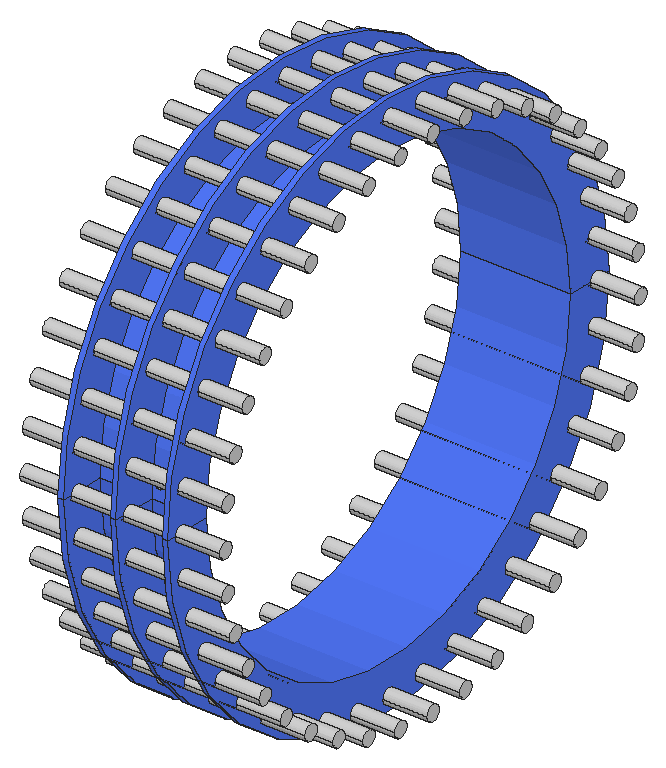
Revit family "873-00-001-DN1600", category Pipe Accessories, Revit 2019
Family settings
  Round Connector Dimension = Use Diameter
  Part Type = Valve - Breaks Into
  Work Plane-Based = No
  Always vertical = Yes
  Cut with Voids When Loaded = No
  Shared = No
Parameters (values of type "DN1600_PN16")
  d2 = size_lookup(Search_table, "d2", 0 mm, DN) / 2  # 965 mm
  d1 = size_lookup(Search_table, "d1", 0 mm, DN)  # 1820 mm
  URL product pages = "https://www.avkvalves.com/P.aspx?no=873004000141000"
  T = size_lookup(Search_table, "T", 0 mm, DN)  # 52 mm
  L = size_lookup(Search_table, "L", 0 mm, DN)  # 700 mm
  Id(Radius) = DN / 2  # 800.05 mm
  Flange_thickness = 20 mm  # constant formula
  Description_ = "AVK DISMANTLING JOINT"
  DN = 1600.1 mm
  Search_table = "873-00-001-DN1600"
  Body_Wallthicknss = 10 mm  # constant formula
  Angle = 22.50°  # constant formula
  A = size_lookup(Search_table, "A", 0 mm, DN)  # 385 mm
  873-1600-00-141000 = "DN1600_PN16"
  873-1600-00-041000 = "DN1600_PN10"
Types (3, lengths in mm): name | d2 | T | L | Id(Radius) | DN
  (no name) | 965 | 52 | 700 | 800.05 | 1600.1
  DN1600_PN10 | 957.5 | 45 | 600 | 800 | 1600
  DN1600_PN16 | 965 | 52 | 700 | 800.05 | 1600.1
Reference planes
  plane 1 "Center (Front/Back)": y = 0
  plane 2: z = 0
  plane 3 "Center (Left/Right)": x = 0
  plane 4: y = 32.5
  plane 5: y = -30
  plane 6: z = 910
  plane 7: z = -910
  plane 8: y = 910
  plane 9: y = -910
  plane 10: x = -350
  plane 11: x = 350
  plane 12: through (0, 0, 0) normal (0, 0.9877, 0.1564)
  plane 13: through (0, 0, 0) normal (0, 0.9511, 0.309)
  plane 14: through (0, 0, 0) normal (0, 0.891, 0.454)
  plane 15: through (0, 0, 0) normal (0, 0.809, 0.5878)
  plane 16: through (0, 0, 0) normal (0, 0.5878, 0.809)
  plane 17: through (0, 0, 0) normal (0, 0.9877, -0.1564)
  plane 18: through (0, 0, 0) normal (0, 0.9511, -0.309)
  plane 19: through (0, 0, 0) normal (0, 0.891, -0.454)
  plane 20: through (0, 0, 0) normal (0, 0.7071, -0.7071)
  plane 21: through (0, 0, 0) normal (0, 0.7071, 0.7071)
  plane 22: through (0, 0, 0) normal (0, 0.809, -0.5878)
  plane 23: through (0, 0, 0) normal (0, 0.5878, -0.809)
  plane 24: through (0, -799.943, 407.591) normal (0, -0.454, -0.891)
  plane 25: through (0, 0, 0) normal (0, 0.454, -0.891)
  plane 26: through (0, 0, 0) normal (0, 0.309, 0.9511)
  plane 27: through (0, 0, 0) normal (0, 0.1564, 0.9877)
  plane 28: through (0, 0, 0) normal (0, -0.309, 0.9511)
  plane 29: through (0, 0, 0) normal (0, -0.1564, 0.9877)
  plane 30: z = -965
  plane 31: z = 965
  plane 32: x = -192.5
  plane 33: x = 192.5
Forms (mm)
  Revolve 1, solid, material "Plastic"
    sketch origin (0, 0, 0) x (1, 0, 0) y (0, 1, 0)
      loop
        line (-172.5, 965) -> (-192.5, 965) -> (-192.5, 800.05) -> (192.5, 800.05) -> (192.5, 965) -> (172.5, 965) -> (172.5, 810.05) -> (10, 810.05) -> (10, 965) -> (-10, 965) -> (-10, 810.05) -> (-172.5, 810.05) -> (-172.5, 965)
      axis (-192.5, 0) -> (192.5, 0)
    angle from 0 to 360
  Extrusion 2, solid, material "Stainless Steel AISI 304"
    sketch origin (0, 0, 0) x (0, 1, 0) y (0, 0, 1)
      loop
        circle (0, 910) r 26
      loop
        circle (-910, 0) r 26
      loop
        circle (0, -910) r 26
      loop
        circle (910, 0) r 26
      loop
        circle (142.355, 898.796) r 26
      loop
        circle (281.205, 865.461) r 26
      loop
        circle (413.131, 810.816) r 26
      loop
        circle (534.885, 736.205) r 26
      loop
        circle (643.467, 643.467) r 26
      loop
        circle (736.205, 534.885) r 26
      loop
        circle (810.816, 413.131) r 26
      loop
        circle (865.461, -281.205) r 26
      loop
        circle (810.816, -413.131) r 26
      loop
        circle (736.205, -534.885) r 26
      loop
        circle (643.467, -643.467) r 26
      loop
        circle (534.885, -736.205) r 26
      loop
        circle (413.131, -810.816) r 26
      loop
        circle (281.205, -865.461) r 26
      loop
        circle (142.355, -898.796) r 26
      loop
        circle (-142.355, -898.796) r 26
      loop
        circle (-281.205, -865.461) r 26
      loop
        circle (-413.131, -810.816) r 26
      loop
        circle (-534.885, -736.205) r 26
      loop
        circle (-643.467, -643.467) r 26
      loop
        circle (-736.205, -534.885) r 26
      loop
        circle (-810.816, -413.131) r 26
      loop
        circle (-865.461, 281.205) r 26
      loop
        circle (-810.816, 413.131) r 26
      loop
        circle (-736.205, 534.885) r 26
      loop
        circle (-643.467, 643.467) r 26
      loop
        circle (-534.885, 736.205) r 26
      loop
        circle (-413.131, 810.816) r 26
      loop
        circle (-281.205, 865.461) r 26
      loop
        circle (-142.355, 898.796) r 26
      loop
        circle (-865.461, -281.205) r 26
      loop
        circle (-898.796, -142.355) r 26
      loop
        circle (865.461, 281.205) r 26
      loop
        circle (898.796, 142.355) r 26
      loop
        circle (898.796, -142.355) r 26
      loop
        circle (-898.796, 142.355) r 26
    from -350 to 350
Dimensions and locks
  "Flange_thickness": Revolve 1 sketch curve to Revolve 1 sketch curve  (x3)
  equal spacing: Revolve 1 sketch curve, plane 3 "Center (Left/Right)", Revolve 1 sketch curve  (x2)
  "A": Revolve 1 sketch curve to Revolve 1 sketch curve
  "Id(Radius)": plane 1 "Center (Front/Back)" to Revolve 1 sketch curve
  "Body_Wallthicknss": Revolve 1 sketch curve to Revolve 1 sketch curve
  "d2": plane 1 "Center (Front/Back)" to Revolve 1 sketch curve
  equal spacing: plane 6, level, plane 7
  equal spacing: plane 8, plane 1 "Center (Front/Back)", plane 9
  "d1": plane 8 to plane 9
  "d1": plane 6 to plane 7
  equal spacing: plane 11, plane 3 "Center (Left/Right)", plane 10
  "L": plane 11 to plane 10
  equal spacing: Extrusion 2 sketch curve, level, Extrusion 2 sketch curve
  "d1": Extrusion 2 sketch curve to Extrusion 2 sketch curve  (x20)
  equal spacing: Extrusion 2 sketch curve, plane 1 "Center (Front/Back)", Extrusion 2 sketch curve
  equal spacing: Extrusion 2 sketch curve, plane 12, Extrusion 2 sketch curve
  equal spacing: Extrusion 2 sketch curve, plane 13, Extrusion 2 sketch curve
  equal spacing: Extrusion 2 sketch curve, plane 14, Extrusion 2 sketch curve
  equal spacing: Extrusion 2 sketch curve, plane 15, Extrusion 2 sketch curve
  equal spacing: Extrusion 2 sketch curve, plane 21, Extrusion 2 sketch curve
  equal spacing: Extrusion 2 sketch curve, plane 16, Extrusion 2 sketch curve
  equal spacing: Extrusion 2 sketch curve, plane 24, Extrusion 2 sketch curve
  equal spacing: Extrusion 2 sketch curve, plane 26, Extrusion 2 sketch curve
  equal spacing: Extrusion 2 sketch curve, plane 27, Extrusion 2 sketch curve
  equal spacing: Extrusion 2 sketch curve, plane 29, Extrusion 2 sketch curve
  equal spacing: Extrusion 2 sketch curve, plane 25, Extrusion 2 sketch curve
  equal spacing: Extrusion 2 sketch curve, plane 23, Extrusion 2 sketch curve
  equal spacing: Extrusion 2 sketch curve, plane 20, Extrusion 2 sketch curve
  equal spacing: Extrusion 2 sketch curve, plane 22, Extrusion 2 sketch curve
  equal spacing: Extrusion 2 sketch curve, plane 19, Extrusion 2 sketch curve
  equal spacing: Extrusion 2 sketch curve, plane 18, Extrusion 2 sketch curve
  equal spacing: Extrusion 2 sketch curve, plane 28, Extrusion 2 sketch curve
  equal spacing: Extrusion 2 sketch curve, plane 17, Extrusion 2 sketch curve
  equal spacing: plane 31, level, plane 30
  "d2": level to plane 30
  equal spacing: plane 33, plane 3 "Center (Left/Right)", plane 32
  "A": plane 33 to plane 32
  plane 6 to plane 7 = 1820 mm
  plane 31 to plane 30 = 1930 mm
  "T": diameter of Extrusion 2 sketch curve  (x40)
  equal spacing: level, plane 27, plane 26, plane 24, plane 16, plane 21, plane 15, plane 14, plane 13, plane 12, plane 1 "Center (Front/Back)"
  equal spacing: plane 1 "Center (Front/Back)", plane 17, plane 18, plane 19, plane 22, plane 20, plane 23, plane 25, plane 28, plane 29, level
  aligned and locked: level to plane 2
  aligned and locked: Revolve 1 sketch curve to Revolve 1 sketch curve  (x3)
  aligned and locked: plane 1 "Center (Front/Back)" to Revolve 1 sketch curve
  aligned and locked: Extrusion 2 to plane 10
  aligned and locked: Extrusion 2 to plane 11
Automatic sketch dimensions
  Revolve 1 sketch curve to plane 3 "Center (Left/Right)" = 37.5 mm
  plane 3 "Center (Left/Right)" to Revolve 1 sketch curve = 37.5 mm
  Extrusion 2 sketch curve to plane 29 = 0 mm  (x2)
  Extrusion 2 sketch curve to plane 27 = 0 mm  (x2)
  Extrusion 2 sketch curve to plane 26 = 0 mm  (x2)
  Extrusion 2 sketch curve to plane 28 = 0 mm  (x2)
  plane 25 to Extrusion 2 sketch curve = 0 mm  (x2)
  plane 24 to Extrusion 2 sketch curve = 0 mm  (x2)
  plane 23 to Extrusion 2 sketch curve = 0 mm  (x2)
  Extrusion 2 sketch curve to plane 16 = 0 mm  (x2)
  plane 20 to Extrusion 2 sketch curve = 0 mm  (x2)
  Extrusion 2 sketch curve to plane 21 = 0 mm  (x2)
  plane 22 to Extrusion 2 sketch curve = 0 mm  (x2)
  Extrusion 2 sketch curve to plane 15 = 0 mm  (x2)
  plane 19 to Extrusion 2 sketch curve = 0 mm  (x2)
  Extrusion 2 sketch curve to plane 14 = 0 mm  (x2)
  Extrusion 2 sketch curve to plane 13 = 0 mm  (x2)
  plane 18 to Extrusion 2 sketch curve = 0 mm  (x2)
  Extrusion 2 sketch curve to plane 12 = 0 mm  (x2)
  plane 17 to Extrusion 2 sketch curve = 0 mm  (x2)
  Extrusion 2 sketch curve to plane 1 "Center (Front/Back)" = 0 mm  (x2)
  Extrusion 2 sketch curve to level = 0 mm  (x2)
Nested families
  nested 1: "LOGO 3" at (92.133, -809.086, 39.518) x (1, 0, 0) z (0, -0.9988, 0.0488), type "LOGO 3"
Connectors
  piping at (192.5, 0, 0), diameter 1600.1, driven by "DN"
    settings: on Revolve 1, index 1, connector inside diameter 609.6 mm, connector length 0 mm, flow factor 0, pipe flow 0.0 L/s, pressure drop 0.0 Pa, fitting loss kfactor 0, connector angle 0.00°, fixture units 0, engagement length 0 mm, angle of deflection 0.00°, flow configuration 0, flow direction 0, fitting loss method 0, system type 7, joint type 0, gender type 0, connector reference index -1, connector utility 0, adjustable connector no, is connector primary yes, connector description ""
  piping at (-192.5, 0, 0), diameter 1600.1, driven by "DN"
    settings: on Revolve 1, index 2, connector inside diameter 609.6 mm, connector length 0 mm, flow factor 0, pipe flow 0.0 L/s, pressure drop 0.0 Pa, fitting loss kfactor 0, connector angle 0.00°, fixture units 0, engagement length 0 mm, angle of deflection 0.00°, flow configuration 0, flow direction 0, fitting loss method 0, system type 7, joint type 0, gender type 0, connector reference index -1, connector utility 0, adjustable connector no, is connector primary no, connector description ""
Definition of nested family "LOGO 3"
  Parameters
    Default Elevation = 1219.2 mm
  Reference planes
    plane 1 "Center (Front/Back)": y = 0
    plane 2: z = 0
    plane 3 "Center (Left/Right)": x = 0
  Forms (mm)
    Extrusion 1, solid
      sketch origin (0, 0, 0) x (1, 0, 0) y (0, 1, 0)
        loop
          line (-1219.2, 1219.2) -> (-1219.2, -1219.2) -> (1219.2, -1219.2) -> (1219.2, 1219.2) -> (-1219.2, 1219.2)
      from 0 to -304.8
    Extrusion 2, solid
      sketch origin (0, 0, 0) x (1, 0, 0) y (0, 1, 0)
        loop
          line (-17.198, 60.343) -> (-63.36, 60.343) -> (-63.36, 47.822) -> (-25.782, 47.822) -> (-6.312, 0) -> (6.312, 0) -> (25.782, 47.822) -> (63.36, 47.822) -> (63.36, 60.343) -> (17.198, 60.343) -> (0, 18.103) -> (-17.198, 60.343)
        loop
          line (-63.36, 42.994) -> (-63.36, 30.926) -> (-51.489, 30.926) -> (-63.36, 0) -> (-49.948, 0) -> (-47.4, 6.638) -> (-27.745, 6.638) -> (-25.043, 0) -> (-11.524, 0) -> (-29.029, 42.994) -> (-63.36, 42.994)
        loop
          line (-44.292, 18.103) -> (-32.413, 18.103) -> (-38.527, 33.12) -> (-44.292, 18.103)
        loop
          line (29.029, 42.994) -> (11.524, 0) -> (25.043, 0) -> (31.926, 16.905) -> (44.665, 0) -> (60.343, 0) -> (45.934, 19.121)
          arc (45.934, 19.121) -> (54.338, 23.268) -> (59.739, 30.926) r 19.008
          line (59.739, 30.926) -> (63.36, 30.926) -> (63.36, 42.994) -> (51.291, 42.994)
          arc (51.291, 42.994) -> (46.893, 32.101) -> (36.164, 27.315) r 15.689
          line (36.164, 27.315) -> (42.548, 42.994) -> (29.029, 42.994)
      from 0 to 1
  Dimensions and locks
    aligned and locked: plane 2 to Extrusion 1
    aligned and locked: level to Extrusion 1
